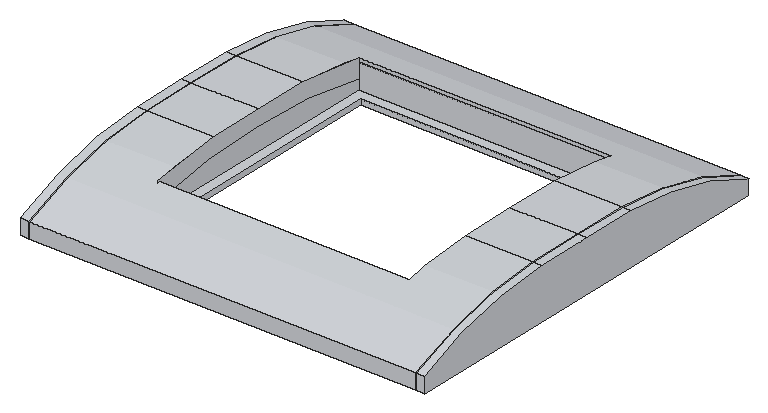
Revit family "Gira_0211773", category Electrical Fixtures, host Face, Revit 2017
Family settings
  Host = Face
  Maintain Annotation Orientation = No
  Round Connector Dimension = Use Diameter
  Part Type = Normal
  Cut with Voids When Loaded = No
  Shared = No
  Room Calculation Point = No
Parameters (values of type "Abdeckrahmen 1f Zwischenr. RW Gira Event Klar Sand")
  Werkstoffgüte = "Thermoplast"
  Werkstoff = "Kunststoff"
  URL = "http://katalog.gira.de/de_DE/datenblatt.html?artikelnr=0211773"
  Transparent = "No"
  Textfeld/Beschriftungsfläche = "No"
  Schutzart (IP) = "IP20"
  Region = "DE"
  Oberfläche = "sonstige"
  Name = "Abdeckrahmen 1f Zwischenr. RW Gira Event Klar Sand"
  Montagerichtung = "horizontal und vertikal"
  Mit Montagerahmen = "No"
  Mit Klappdeckel = "No"
  Manufacturer URL = "https://www.gira.de/"
  Keynote = "Event_Rahmen_1fach"
  HeinzeBIM = "https://bimportal.heinze.de/bim/abdeckrahmen-1f-zwischenr-rw-gira-event-klar-sand/9498822b97e839b22a2297481de78bd14d37f89e"
  Halogenfrei = "Yes"
  HAN = "0211773"
  Geeignet für Unterputz-Installation = "Yes"
  Geeignet für Unterflurkanaldose = "No"
  Geeignet für Geräteeinbaukanal = "No"
  Geeignet für Einbauinstallation = "No"
  GTIN = "4010337069546"
  Farbe = "sonstige"
  Default Elevation = 1219.2 mm
  Data sheet (1) = "https://katalog.gira.de/de_DE/download.html?artikelnr=0211773"
  Category = "Abdeckrahmen"
  Befestigungsart = "Klemmbefestigung"
  Available = "Yes"
  Ausführung der Oberfläche = "glänzend"
  Anzahl der Einheiten vertikal = "1 "
  Anzahl der Einheiten horizontal = "1 "
  Anzahl der Einheiten = "1 "
Reference planes
  plane 1 "Center (Front/Back)": y = 0
  plane 2: z = 0
  plane 3 "Center (Left/Right)": x = 0
Forms (mm)
  Extrusion 1, solid, detail levels fine
    sketch origin (0, 0, 1.55) x (0, 1, 0) y (0, 0, 1)
      loop
        arc (12.445, 9.683) -> (6.223, 9.833) -> (0, 9.85) r 291.636
        arc (0, 9.85) -> (-6.223, 9.833) -> (-12.445, 9.683) r 291.636
        arc (-12.445, 9.683) -> (-29.14, 7.482) -> (-45, 1.823) r 79.728
        line (-45, 1.823) -> (-45, -1.55) -> (-41.777, -1.55) -> (-41.777, -0.55)
        arc (-41.777, -0.55) -> (-21.205, 4.846) -> (0, 6.467) r 118.15
        arc (0, 6.467) -> (21.205, 4.846) -> (41.777, -0.55) r 118.15
        line (41.777, -0.55) -> (41.777, -1.55) -> (45, -1.55) -> (45, 1.823)
        arc (45, 1.823) -> (29.14, 7.482) -> (12.445, 9.683) r 79.728
    from -43 to 43
  Extrusion 2, void, detail levels fine
    sketch origin (0, 0, 0) x (1, 0, 0) y (0, 1, 0)
      loop
        line (-28, -28) -> (28, -28) -> (28, 28) -> (-28, 28) -> (-28, -28)
    from 2.85 to 12
  Extrusion 3, solid, detail levels coarse
    sketch origin (0, 0, 0) x (1, 0, 0) y (0, 1, 0)
      loop
        line (-45, 45) -> (-45, -45) -> (45, -45) -> (45, 45) -> (-45, 45)
    from 0 to 11.4
  Extrusion 4, solid, detail levels medium
    sketch origin (0, 0, 1.55) x (0, 1, 0) y (0, 0, 1)
      loop
        arc (12.445, 9.683) -> (6.223, 9.833) -> (0, 9.85) r 291.636
        arc (0, 9.85) -> (-6.223, 9.833) -> (-12.445, 9.683) r 291.636
        arc (-12.445, 9.683) -> (-29.14, 7.482) -> (-45, 1.823) r 79.728
        line (-45, 1.823) -> (-45, -1.55) -> (45, -1.55) -> (45, 1.823)
        arc (45, 1.823) -> (29.14, 7.482) -> (12.445, 9.683) r 79.728
    from -45 to 45
  Extrusion 5, solid, detail levels fine
    sketch origin (0, 0, 0) x (0, 1, 0) y (0, 0, 1)
      loop
        arc (45, 3.373) -> (29.14, 9.032) -> (12.445, 11.233) r 79.728
        arc (12.445, 11.233) -> (6.223, 11.383) -> (0, 11.4) r 291.636
        arc (0, 11.4) -> (-6.223, 11.383) -> (-12.445, 11.233) r 291.636
        arc (-12.445, 11.233) -> (-29.14, 9.032) -> (-45, 3.373) r 79.728
        line (-45, 3.373) -> (-45, 0) -> (45, 0) -> (45, 3.373)
    from 43 to 45
  Extrusion 6, solid, detail levels fine
    sketch origin (0, 0, 0) x (0, 1, 0) y (0, 0, -1)
      loop
        line (45, -3.373) -> (45, 0) -> (-45, 0) -> (-45, -3.373)
        arc (-45, -3.373) -> (-29.14, -9.032) -> (-12.445, -11.233) r 79.728
        arc (-12.445, -11.233) -> (-6.223, -11.383) -> (0, -11.4) r 291.636
        arc (0, -11.4) -> (6.223, -11.383) -> (12.445, -11.233) r 291.636
        arc (12.445, -11.233) -> (29.14, -9.032) -> (45, -3.373) r 79.728
    from 43 to 45
  Extrusion 7, solid, detail levels fine
    sketch origin (0, 0, 0) x (1, 0, 0) y (0, 1, 0)
      loop
        line (-25.7, 25.7) -> (-25.7, -25.7) -> (25.7, -25.7) -> (25.7, 25.7) -> (-25.7, 25.7)
      loop
        line (-29.495, 27.895) -> (-29.495, -27.895)
        spline (-29.495, -27.895) -> (-29.486, -28.025) -> (-29.461, -28.154) -> (-29.419, -28.278) -> (-29.361, -28.395) -> (-29.288, -28.504) -> (-29.202, -28.602) -> (-29.104, -28.688) -> (-28.995, -28.761) -> (-28.878, -28.819) -> (-28.754, -28.861) -> (-28.625, -28.886) -> (-28.495, -28.895)
        line (-28.495, -28.895) -> (28.495, -28.895)
        spline (28.495, -28.895) -> (28.625, -28.886) -> (28.754, -28.861) -> (28.878, -28.819) -> (28.995, -28.761) -> (29.104, -28.688) -> (29.202, -28.602) -> (29.288, -28.504) -> (29.361, -28.395) -> (29.419, -28.278) -> (29.461, -28.154) -> (29.486, -28.025) -> (29.495, -27.895)
        line (29.495, -27.895) -> (29.495, 27.895)
        spline (29.495, 27.895) -> (29.486, 28.025) -> (29.461, 28.154) -> (29.419, 28.278) -> (29.361, 28.395) -> (29.288, 28.504) -> (29.202, 28.602) -> (29.104, 28.688) -> (28.995, 28.761) -> (28.878, 28.819) -> (28.754, 28.861) -> (28.625, 28.886) -> (28.495, 28.895)
        line (28.495, 28.895) -> (-28.495, 28.895)
        spline (-28.495, 28.895) -> (-28.625, 28.886) -> (-28.754, 28.861) -> (-28.878, 28.819) -> (-28.995, 28.761) -> (-29.104, 28.688) -> (-29.202, 28.602) -> (-29.288, 28.504) -> (-29.361, 28.395) -> (-29.419, 28.278) -> (-29.461, 28.154) -> (-29.486, 28.025) -> (-29.495, 27.895)
    from 1.673 to 8.5
Cuts and joins
  Extrusion 2 cuts Extrusion 1
  Extrusion 2 cuts Extrusion 7
Dimensions and locks
  aligned and locked: plane 2 to host face
  aligned and locked: level to host face
